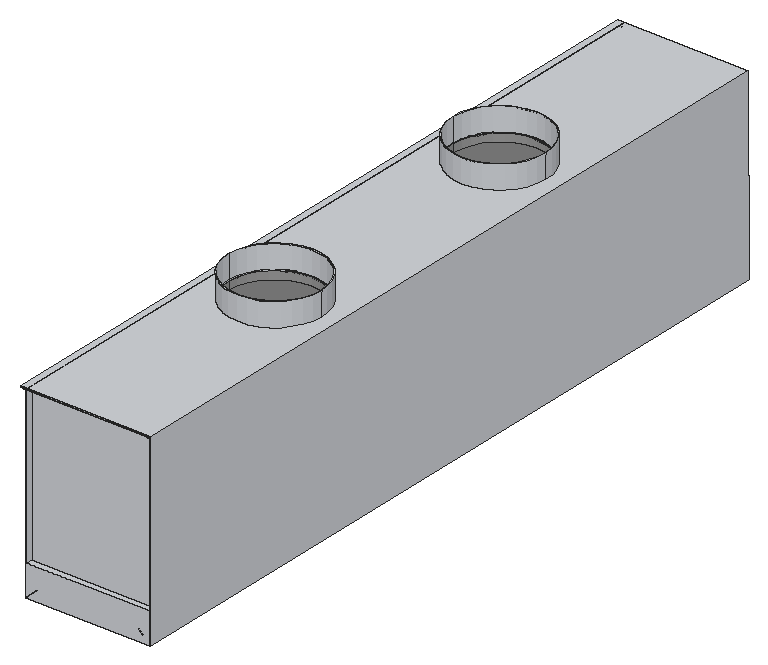
Revit family "Plenum (P-N, P-L) (Arrangement E)", category Mechanical Equipment, Revit 2015
Parameters
  Width = 0' - 8"
  URL = "https://unitedenertech.com/catalog/pdf/I_2%20Model%20P-N,%20P-L,%20P-EX,%20P-N-SL,%20P-L-SL,%20P-EX-SL.pdf"
  Type Comments = "Consult Factory for Max. Sizes"
  P-L (Insulation Option) = yes
  Model = "P-N / P-L (Arrangement E)"
  Manufacturer = "United Enertech Corporation"
  Length = 4' - 0"
  Keynote = "Model Shown without Damper Option. Consult Factory for Models with Dampers."
  Inlet Spacing = 1' - 6"
  Inlet Size = 0' - 6"
  Inlet Radius OD [instance] = Inlet Size / 2  # 0' - 3"
  Inlet Radius ID [instance] = Inlet Radius OD - 0' 0 9/256"  # 0' - 2 247/256"
  Hem Option = yes
  Height = 1' - 0"
  Description = "Plenum for Diffusers"
Reference planes (in)
  plane 1 "Center (Front/Back)": y = 0
  plane 2: z = 0
  plane 3 "Center (Left/Right)": x = 0
  plane 4: x = 8
  plane 5: x = 0.035
  plane 6: x = 7.965
  plane 7: z = 12
  plane 8: z = 11.965
  plane 9: z = 11.93
  plane 10: z = 2
  plane 11: y = 24
  plane 12: y = -24
  plane 13: y = -23.965
  plane 14: y = 23.965
  plane 15: x = -0.375
  plane 16: y = 23.59
  plane 17: y = 23.55484
  plane 18: y = -23.59
  plane 19: y = -23.55484
  plane 20: z = 1.96484
  plane 21: x = 0.07016
  plane 22: x = 7.92984
  plane 23: y = 23.05484
  plane 24: x = 0.57016
  plane 25: x = 7.42984
  plane 26: y = -23.05484
  plane 27: z = 11.43
  plane 28: z = 13.5
  plane 29: x = 4
  plane 30: y = 9
  plane 31: y = -9
Forms (in)
  Extrusion 1, solid
    sketch origin (0, 0, 0) x (1, 0, 0) y (0, 0, 1)
      loop
        line (-0.375, 12) -> (-0.375, 11.965) -> (7.965, 11.965) -> (7.965, 0) -> (8, 0) -> (8, 12) -> (-0.375, 12)
    from -23.965 to 23.965
  Extrusion 2, solid
    sketch origin (0, 0, 0) x (1, 0, 0) y (0, 0, 1)
      loop
        line (-0.375, 11.965) -> (-0.375, 11.93) -> (0, 11.93) -> (0, 0) -> (0.035, 0) -> (0.035, 11.965) -> (-0.375, 11.965)
    from -23.965 to 23.965
  Extrusion 3, solid
    sketch origin (0, 0, 0) x (0, 1, 0) y (0, 0, 1)
      loop
        line (23.965, 11.965) -> (23.55484, 11.965) -> (23.55484, 1.96484) -> (23.965, 1.96484) -> (23.965, 0) -> (24, 0) -> (24, 2) -> (23.59, 2) -> (23.59, 11.93) -> (23.965, 11.93) -> (23.965, 11.965)
    from 0.035 to 7.965
  Extrusion 4, solid
    sketch origin (0, 0, 0) x (0, 1, 0) y (0, 0, 1)
      loop
        line (-23.965, 11.965) -> (-23.965, 11.93) -> (-23.59, 11.93) -> (-23.59, 2) -> (-24, 2) -> (-24, 0) -> (-23.965, 0) -> (-23.965, 1.96484) -> (-23.55484, 1.96484) -> (-23.55484, 11.965) -> (-23.965, 11.965)
    from 0.035 to 7.965
  Extrusion 5, solid
    sketch origin (0, 0, 0) x (1, 0, 0) y (0, 0, 1)
      loop
        line (0.035, 2) -> (0.07016, 2) -> (0.07016, 11.93) -> (0.035, 11.93) -> (0.035, 2)
    from 23.59 to 23.965
  Extrusion 6, solid
    sketch origin (0, 0, 0) x (1, 0, 0) y (0, 0, 1)
      loop
        line (0.035, 2) -> (0.07016, 2) -> (0.07016, 11.93) -> (0.035, 11.93) -> (0.035, 2)
    from -23.965 to -23.59
  Extrusion 7, solid
    sketch origin (0, 0, 0) x (1, 0, 0) y (0, 0, 1)
      loop
        line (7.92984, 2) -> (7.965, 2) -> (7.965, 11.93) -> (7.92984, 11.93) -> (7.92984, 2)
    from 23.59 to 23.965
  Extrusion 8, solid
    sketch origin (0, 0, 0) x (1, 0, 0) y (0, 0, 1)
      loop
        line (7.92984, 2) -> (7.965, 2) -> (7.965, 11.93) -> (7.92984, 11.93) -> (7.92984, 2)
    from -23.965 to -23.59
  Extrusion 9, solid, material "Rigid insulation", visible <- "P-L (Insulation Option)"
    sketch origin (0, 0, 0) x (1, 0, 0) y (0, 0, 1)
      loop
        line (0.07016, 11.43) -> (7.92984, 11.43) -> (7.92984, 11.93) -> (0.07016, 11.93) -> (0.07016, 11.43)
    from -23.55484 to 23.55484
  Extrusion 10, solid, material "Rigid insulation", visible <- "P-L (Insulation Option)"
    sketch origin (0, 0, 0) x (1, 0, 0) y (0, 1, 0)
      loop
        line (0.57016, -23.05484) -> (7.42984, -23.05484) -> (7.42984, 23.05484) -> (0.57016, 23.05484) -> (0.57016, -23.05484)
      loop
        line (0.07016, -23.55484) -> (7.92984, -23.55484) -> (7.92984, 23.55484) -> (0.07016, 23.55484) -> (0.07016, -23.55484)
    from 2 to 11.43
  Extrusion 11, solid, visible <- "Hem Option"
    sketch origin (0, 0, 0) x (1, 0, 0) y (0, 0, 1)
      loop
        line (0.07016, 0) -> (0.77726, 0.70711) -> (0.7524, 0.73197) -> (0.07016, 0.04972) -> (0.07016, 0)
    from -23.965 to 23.965
  Extrusion 12, solid, visible <- "Hem Option"
    sketch origin (0, 0, 0) x (1, 0, 0) y (0, 0, 1)
      loop
        line (7.92984, 0) -> (7.92984, 0.04972) -> (7.2476, 0.73197) -> (7.22274, 0.70711) -> (7.92984, 0)
    from -23.965 to 23.965
  Extrusion 13, void
    sketch origin (0, 0, 0) x (1, 0, 0) y (0, 1, 0)
      loop
        circle (4, -9) r 2.96484
    from 11.43 to 13.5
  Extrusion 14, void
    sketch origin (0, 0, 0) x (1, 0, 0) y (0, 1, 0)
      loop
        circle (4, 9) r 2.96484
    from 11.43 to 13.5
  Extrusion 15, solid
    sketch origin (0, 0, 0) x (1, 0, 0) y (0, 1, 0)
      loop
        circle (4, 9) r 3
      loop
        circle (4, 9) r 2.96484
    from 12 to 13.5
  Extrusion 16, solid
    sketch origin (0, 0, 0) x (1, 0, 0) y (0, 1, 0)
      loop
        circle (4, -9) r 3
      loop
        circle (4, -9) r 2.96484
    from 12 to 13.5
Cuts and joins
  Extrusion 13, Extrusion 14 cuts Extrusion 1
  Extrusion 13, Extrusion 14 cuts Extrusion 9
Dimensions and locks (in)
  locked: plane 3 "Center (Left/Right)" to plane 5 at 0.035
  locked: plane 6 to plane 4 at 0.035
  locked: plane 7 to plane 8 at 0.035
  locked: plane 8 to plane 9 at 0.035
  "Height": plane 7 to level
  locked: plane 10 to level at 2
  "Width": plane 3 "Center (Left/Right)" to plane 4
  equal spacing: plane 11, plane 1 "Center (Front/Back)", plane 12
  "Length": plane 11 to plane 12
  locked: plane 13 to plane 12 at 0.035
  locked: plane 14 to plane 11 at 0.035
  locked: plane 3 "Center (Left/Right)" to plane 15 at 0.375
  locked: plane 14 to plane 16 at 0.375
  locked: plane 16 to plane 17 at 0.03516
  locked: plane 18 to plane 13 at 0.375
  locked: plane 19 to plane 18 at 0.03516
  locked: plane 10 to plane 20 at 0.03516
  locked: plane 21 to plane 5 at 0.03516
  locked: plane 22 to plane 6 at 0.03516
  locked: plane 17 to plane 23 at 0.5
  locked: plane 21 to plane 24 at 0.5
  locked: plane 25 to plane 22 at 0.5
  locked: plane 26 to plane 19 at 0.5
  locked: plane 9 to plane 27 at 0.5
  locked: Extrusion 11 sketch curve to Extrusion 11 sketch curve at 1
  locked: Extrusion 12 sketch curve to Extrusion 12 sketch curve at 1
  locked: plane 28 to plane 7 at 1.5
  equal spacing: plane 3 "Center (Left/Right)", plane 29, plane 4
  equal spacing: plane 30, plane 1 "Center (Front/Back)", plane 31
  "Inlet Spacing": plane 30 to plane 31
  "Inlet Radius ID": radius of Extrusion 13 sketch curve
  "Inlet Radius ID": radius of Extrusion 14 sketch curve
  "Inlet Radius ID": radius of Extrusion 15 sketch curve
  "Inlet Radius OD": radius of Extrusion 15 sketch curve
  "Inlet Radius ID": radius of Extrusion 16 sketch curve
  "Inlet Radius OD": radius of Extrusion 16 sketch curve
  locked: level to Extrusion 11 sketch curve (angle 45.00°)
  locked: Extrusion 12 sketch curve to level (angle 45.00°)
  aligned and locked: level to plane 2
  aligned and locked: plane 15 to Extrusion 1 sketch curve
  aligned and locked: Extrusion 1 sketch curve to plane 7
  aligned and locked: plane 4 to Extrusion 1 sketch curve
  aligned and locked: level to Extrusion 1 sketch curve
  aligned and locked: Extrusion 1 sketch curve to plane 6
  aligned and locked: plane 8 to Extrusion 1 sketch curve
  aligned and locked: Extrusion 1 to plane 14
  aligned and locked: Extrusion 1 to plane 13
  aligned and locked: Extrusion 2 sketch curve to plane 8
  aligned and locked: plane 15 to Extrusion 2 sketch curve
  aligned and locked: plane 9 to Extrusion 2 sketch curve
  aligned and locked: Extrusion 2 sketch curve to plane 5
  aligned and locked: plane 3 "Center (Left/Right)" to Extrusion 2 sketch curve
  aligned and locked: level to Extrusion 2 sketch curve
  aligned and locked: Extrusion 2 to plane 13
  aligned and locked: Extrusion 2 to plane 14
  aligned and locked: Extrusion 3 sketch curve to plane 8
  aligned and locked: plane 14 to Extrusion 3 sketch curve
  aligned and locked: plane 9 to Extrusion 3 sketch curve
  aligned and locked: Extrusion 3 sketch curve to plane 11
  aligned and locked: level to Extrusion 3 sketch curve
  aligned and locked: Extrusion 3 sketch curve to plane 14
  aligned and locked: plane 20 to Extrusion 3 sketch curve
  aligned and locked: Extrusion 3 sketch curve to plane 10
  aligned and locked: plane 16 to Extrusion 3 sketch curve
  aligned and locked: Extrusion 3 sketch curve to plane 17
  aligned and locked: Extrusion 3 to plane 5
  aligned and locked: Extrusion 3 to plane 6
  aligned and locked: plane 8 to Extrusion 4 sketch curve
  aligned and locked: Extrusion 4 sketch curve to plane 13
  aligned and locked: Extrusion 4 sketch curve to plane 9
  aligned and locked: Extrusion 4 sketch curve to level
  aligned and locked: Extrusion 4 sketch curve to plane 12
  aligned and locked: plane 13 to Extrusion 4 sketch curve
  aligned and locked: Extrusion 4 sketch curve to plane 20
  aligned and locked: plane 10 to Extrusion 4 sketch curve
  aligned and locked: Extrusion 4 sketch curve to plane 18
  aligned and locked: plane 19 to Extrusion 4 sketch curve
  aligned and locked: Extrusion 4 to plane 5
  aligned and locked: Extrusion 4 to plane 6
  aligned and locked: plane 9 to Extrusion 5 sketch curve
  aligned and locked: Extrusion 5 sketch curve to plane 5
  aligned and locked: plane 21 to Extrusion 5 sketch curve
  aligned and locked: Extrusion 5 sketch curve to plane 10
  aligned and locked: Extrusion 6 to plane 14
  aligned and locked: plane 16 to Extrusion 6
  aligned and locked: plane 18 to Extrusion 5
  aligned and locked: Extrusion 5 to plane 13
  aligned and locked: Extrusion 7 sketch curve to plane 10
  aligned and locked: Extrusion 7 sketch curve to plane 6
  aligned and locked: Extrusion 7 sketch curve to plane 22
  aligned and locked: plane 9 to Extrusion 7 sketch curve
  aligned and locked: Extrusion 8 to plane 14
  aligned and locked: plane 16 to Extrusion 8
  aligned and locked: Extrusion 7 to plane 13
  aligned and locked: plane 18 to Extrusion 7
  aligned and locked: plane 9 to Extrusion 9 sketch curve
  aligned and locked: plane 22 to Extrusion 9 sketch curve
  aligned and locked: Extrusion 9 sketch curve to plane 21
  aligned and locked: Extrusion 9 sketch curve to plane 27
  aligned and locked: Extrusion 9 to plane 19
  aligned and locked: Extrusion 9 to plane 17
  aligned and locked: Extrusion 10 sketch curve to plane 21
  aligned and locked: Extrusion 10 sketch curve to plane 17
  aligned and locked: plane 22 to Extrusion 10 sketch curve
  aligned and locked: Extrusion 10 sketch curve to plane 19
  aligned and locked: Extrusion 10 sketch curve to plane 26
  aligned and locked: Extrusion 10 sketch curve to plane 24
  aligned and locked: plane 25 to Extrusion 10 sketch curve
  aligned and locked: plane 23 to Extrusion 10 sketch curve
  aligned and locked: Extrusion 10 to plane 10
  aligned and locked: plane 27 to Extrusion 10
  aligned and locked: plane 21 to Extrusion 11 sketch curve
  aligned and locked: level to Extrusion 11 sketch curve
  aligned and locked: Extrusion 11 to plane 13
  aligned and locked: Extrusion 11 to plane 14
  aligned and locked: plane 22 to Extrusion 12 sketch curve
  aligned and locked: level to Extrusion 12 sketch curve
  aligned and locked: Extrusion 12 to plane 14
  aligned and locked: Extrusion 12 to plane 13
  aligned and locked: Extrusion 13 to plane 28
  aligned and locked: Extrusion 13 to plane 27
  aligned and locked: Extrusion 14 to plane 27
  aligned and locked: plane 28 to Extrusion 14
  aligned and locked: Extrusion 15 to plane 7
  aligned and locked: plane 28 to Extrusion 15
  aligned and locked: plane 28 to Extrusion 16
  aligned and locked: Extrusion 16 to plane 7
Automatic sketch dimensions
  Extrusion 6 sketch curve to plane 5 = 0' - 0"
  Extrusion 6 sketch curve to plane 9 = 0' - 0"
  Extrusion 6 sketch curve to plane 21 = 0' - 0"
  Extrusion 6 sketch curve to plane 10 = 0' - 0"
  Extrusion 8 sketch curve to plane 9 = 0' - 0"
  Extrusion 8 sketch curve to plane 22 = 0' - 0"
  plane 6 to Extrusion 8 sketch curve = 0' - 0"
  Extrusion 8 sketch curve to plane 10 = 0' - 0"
  Extrusion 11 sketch curve to Extrusion 11 sketch curve = 0' - 0.02486"
  Extrusion 12 sketch curve to Extrusion 12 sketch curve = 0' - 0.02486"
  Extrusion 13 sketch curve to plane 29 = 0' - 0"
  plane 31 to Extrusion 13 sketch curve = 0' - 0"
  Extrusion 14 sketch curve to plane 29 = 0' - 0"
  Extrusion 14 sketch curve to plane 30 = 0' - 0"
  Extrusion 15 sketch curve to Extrusion 15 sketch curve = 0' - 0"  (x2)
  Extrusion 15 sketch curve to plane 29 = 0' - 0"
  Extrusion 15 sketch curve to plane 30 = 0' - 0"
  Extrusion 16 sketch curve to Extrusion 16 sketch curve = 0' - 0"  (x2)
  Extrusion 16 sketch curve to plane 29 = 0' - 0"
  plane 31 to Extrusion 16 sketch curve = 0' - 0"
